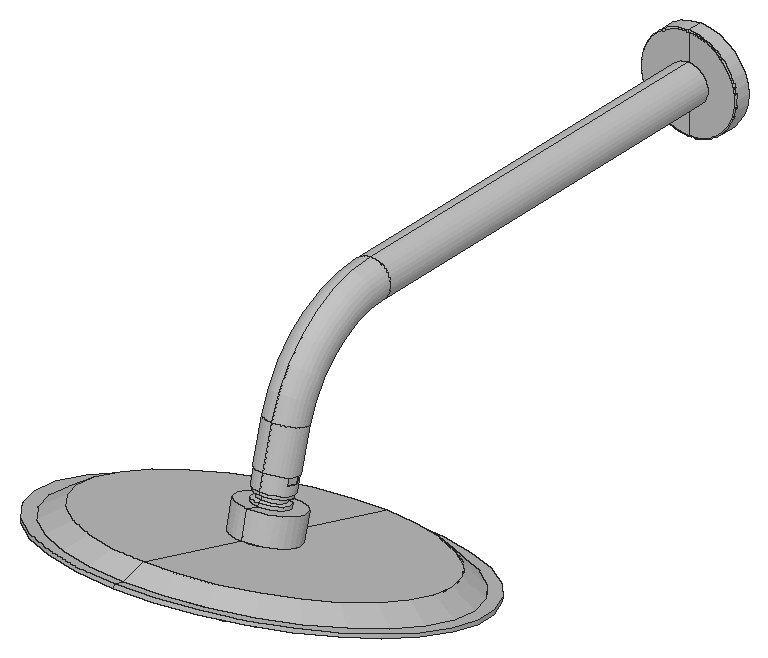
Revit family "Reece_Shower_Milli_Inox_Overhead Shower_With Arm", category Plumbing Fixtures, Revit 2018 (continued)
Definition of nested family "Reece_Shower_Milli_Inox_Shower Head_250 mm_Nested"
  Automatic sketch dimensions
    Revolve 4 sketch curve to Revolve 4 sketch curve = 3.055 mm
    Revolve 4 sketch curve to Revolve 4 sketch curve = 0.802 mm
    Revolve 4 sketch curve to Revolve 4 sketch curve = 0 mm  (x2)
    Revolve 5 sketch curve to plane 9 = 0 mm  (x2)
    Revolve 5 sketch curve to plane 9 = 8.093 mm
    Revolve 5 sketch curve to plane 1 "Center (Front/Back)" = 19.789 mm
    plane 1 "Center (Front/Back)" to Revolve 5 sketch curve = 2.612 mm
    plane 1 "Center (Front/Back)" to Revolve 5 sketch curve = 3.992 mm
    Revolve 5 sketch curve to Revolve 5 sketch curve = 0.808 mm
    Revolve 5 sketch curve to Revolve 5 sketch curve = 3.055 mm
    Revolve 5 sketch curve to Revolve 5 sketch curve = 0.802 mm
    Revolve 5 sketch curve to Revolve 5 sketch curve = 0 mm  (x2)
    plane 9 to Revolve 6 sketch curve = 0 mm  (x2)
    Revolve 6 sketch curve to plane 9 = 8.093 mm
    plane 1 "Center (Front/Back)" to Revolve 6 sketch curve = 20.085 mm
    Revolve 6 sketch curve to plane 1 "Center (Front/Back)" = 2.316 mm
    Revolve 6 sketch curve to plane 1 "Center (Front/Back)" = 3.696 mm
    Revolve 6 sketch curve to Revolve 6 sketch curve = 0.808 mm
    Revolve 6 sketch curve to Revolve 6 sketch curve = 3.055 mm
    Revolve 6 sketch curve to Revolve 6 sketch curve = 0.802 mm
    Revolve 6 sketch curve to Revolve 6 sketch curve = 0 mm  (x2)
    plane 9 to Revolve 7 sketch curve = 0 mm  (x2)
    Revolve 7 sketch curve to plane 9 = 8.093 mm
    Revolve 7 sketch curve to plane 1 "Center (Front/Back)" = 19.734 mm
    plane 1 "Center (Front/Back)" to Revolve 7 sketch curve = 2.668 mm
    plane 1 "Center (Front/Back)" to Revolve 7 sketch curve = 4.048 mm
    Revolve 7 sketch curve to Revolve 7 sketch curve = 0.808 mm
    Revolve 7 sketch curve to Revolve 7 sketch curve = 3.055 mm
    Revolve 7 sketch curve to Revolve 7 sketch curve = 0.802 mm
    Revolve 7 sketch curve to Revolve 7 sketch curve = 0 mm  (x2)
    Revolve 8 sketch curve to plane 9 = 0 mm  (x2)
    Revolve 8 sketch curve to plane 1 "Center (Front/Back)" = 3.601 mm
    Revolve 8 sketch curve to Revolve 8 sketch curve = 22.402 mm
    Revolve 8 sketch curve to plane 9 = 6.766 mm
    Revolve 8 sketch curve to Revolve 8 sketch curve = 1.38 mm
    Revolve 8 sketch curve to Revolve 8 sketch curve = 0.808 mm
    Revolve 8 sketch curve to Revolve 8 sketch curve = 3.055 mm
    Revolve 8 sketch curve to Revolve 8 sketch curve = 0.802 mm
    Revolve 8 sketch curve to Revolve 8 sketch curve = 0 mm  (x2)
    Revolve 9 sketch curve to plane 9 = 0 mm  (x2)
    plane 1 "Center (Front/Back)" to Revolve 9 sketch curve = 3.051 mm
    Revolve 9 sketch curve to Revolve 9 sketch curve = 22.402 mm
    Revolve 9 sketch curve to plane 9 = 6.766 mm
    Revolve 9 sketch curve to Revolve 9 sketch curve = 1.38 mm
    Revolve 9 sketch curve to Revolve 9 sketch curve = 0.808 mm
    Revolve 9 sketch curve to Revolve 9 sketch curve = 3.055 mm
    Revolve 9 sketch curve to Revolve 9 sketch curve = 0.802 mm
    Revolve 9 sketch curve to Revolve 9 sketch curve = 0 mm  (x2)
    Revolve 10 sketch curve to plane 9 = 0 mm  (x2)
    plane 1 "Center (Front/Back)" to Revolve 10 sketch curve = 15.716 mm
    Revolve 10 sketch curve to plane 1 "Center (Front/Back)" = 6.685 mm
    Revolve 10 sketch curve to plane 9 = 6.766 mm
    Revolve 10 sketch curve to Revolve 10 sketch curve = 1.38 mm
    Revolve 10 sketch curve to Revolve 10 sketch curve = 0.808 mm
    Revolve 10 sketch curve to Revolve 10 sketch curve = 3.055 mm
    Revolve 10 sketch curve to Revolve 10 sketch curve = 0.802 mm
    Revolve 10 sketch curve to Revolve 10 sketch curve = 0 mm  (x2)
    Revolve 11 sketch curve to plane 9 = 0 mm  (x2)
    Revolve 11 sketch curve to plane 9 = 8.093 mm
    plane 1 "Center (Front/Back)" to Revolve 11 sketch curve = 31.112 mm
    plane 1 "Center (Front/Back)" to Revolve 11 sketch curve = 8.71 mm
    Revolve 11 sketch curve to plane 9 = 6.766 mm
    Revolve 11 sketch curve to Revolve 11 sketch curve = 0.808 mm
    Revolve 11 sketch curve to Revolve 11 sketch curve = 3.055 mm
    Revolve 11 sketch curve to Revolve 11 sketch curve = 0.802 mm
    Revolve 11 sketch curve to Revolve 11 sketch curve = 0 mm  (x2)
    Revolve 12 sketch curve to plane 9 = 0 mm  (x2)
    Revolve 12 sketch curve to plane 9 = 8.093 mm
    plane 1 "Center (Front/Back)" to Revolve 12 sketch curve = 45.11 mm
    Revolve 12 sketch curve to Revolve 12 sketch curve = 22.402 mm
    Revolve 12 sketch curve to plane 9 = 6.766 mm
    Revolve 12 sketch curve to Revolve 12 sketch curve = 0.808 mm
    Revolve 12 sketch curve to Revolve 12 sketch curve = 3.055 mm
    Revolve 12 sketch curve to Revolve 12 sketch curve = 0.802 mm
    Revolve 12 sketch curve to Revolve 12 sketch curve = 0 mm  (x2)
    Revolve 13 sketch curve to plane 9 = 0 mm  (x2)
    Revolve 13 sketch curve to plane 9 = 8.093 mm
    plane 1 "Center (Front/Back)" to Revolve 13 sketch curve = 53.567 mm
    Revolve 13 sketch curve to Revolve 13 sketch curve = 22.402 mm
    Revolve 13 sketch curve to plane 9 = 6.766 mm
    Revolve 13 sketch curve to Revolve 13 sketch curve = 0.808 mm
    Revolve 13 sketch curve to Revolve 13 sketch curve = 3.055 mm
    Revolve 13 sketch curve to Revolve 13 sketch curve = 0.802 mm
    Revolve 13 sketch curve to Revolve 13 sketch curve = 0 mm  (x2)
    plane 9 to Revolve 14 sketch curve = 0 mm  (x2)
    Revolve 14 sketch curve to plane 1 "Center (Front/Back)" = 2.459 mm
    Revolve 14 sketch curve to Revolve 14 sketch curve = 22.402 mm
    Revolve 14 sketch curve to plane 9 = 6.766 mm
    Revolve 14 sketch curve to Revolve 14 sketch curve = 1.38 mm
    Revolve 14 sketch curve to Revolve 14 sketch curve = 0.808 mm
    Revolve 14 sketch curve to Revolve 14 sketch curve = 3.055 mm
    Revolve 14 sketch curve to Revolve 14 sketch curve = 0.802 mm
    Revolve 14 sketch curve to Revolve 14 sketch curve = 0 mm  (x2)
    plane 9 to Revolve 15 sketch curve = 0 mm  (x2)
    plane 1 "Center (Front/Back)" to Revolve 15 sketch curve = 6.256 mm
    Revolve 15 sketch curve to Revolve 15 sketch curve = 22.402 mm
    Revolve 15 sketch curve to plane 9 = 6.766 mm
    Revolve 15 sketch curve to Revolve 15 sketch curve = 1.38 mm
    Revolve 15 sketch curve to Revolve 15 sketch curve = 0.808 mm
    Revolve 15 sketch curve to Revolve 15 sketch curve = 3.055 mm
    Revolve 15 sketch curve to Revolve 15 sketch curve = 0.802 mm
    Revolve 15 sketch curve to Revolve 15 sketch curve = 0 mm  (x2)
    plane 9 to Revolve 16 sketch curve = 0 mm  (x2)
    plane 1 "Center (Front/Back)" to Revolve 16 sketch curve = 19.962 mm
    Revolve 16 sketch curve to plane 1 "Center (Front/Back)" = 2.439 mm
    Revolve 16 sketch curve to plane 9 = 6.766 mm
    Revolve 16 sketch curve to Revolve 16 sketch curve = 1.38 mm
    Revolve 16 sketch curve to Revolve 16 sketch curve = 0.808 mm
    Revolve 16 sketch curve to Revolve 16 sketch curve = 3.055 mm
    Revolve 16 sketch curve to Revolve 16 sketch curve = 0.802 mm
    Revolve 16 sketch curve to Revolve 16 sketch curve = 0 mm  (x2)
    plane 9 to Revolve 17 sketch curve = 0 mm  (x2)
    Revolve 17 sketch curve to plane 9 = 8.093 mm
    plane 1 "Center (Front/Back)" to Revolve 17 sketch curve = 35.516 mm
    plane 1 "Center (Front/Back)" to Revolve 17 sketch curve = 13.115 mm
    Revolve 17 sketch curve to plane 9 = 6.766 mm
    Revolve 17 sketch curve to Revolve 17 sketch curve = 0.808 mm
    Revolve 17 sketch curve to Revolve 17 sketch curve = 3.055 mm
    Revolve 17 sketch curve to Revolve 17 sketch curve = 0.802 mm
    Revolve 17 sketch curve to Revolve 17 sketch curve = 0 mm  (x2)
    plane 9 to Revolve 18 sketch curve = 0 mm  (x2)
    Revolve 18 sketch curve to plane 9 = 8.093 mm
    plane 1 "Center (Front/Back)" to Revolve 18 sketch curve = 48.206 mm
    Revolve 18 sketch curve to Revolve 18 sketch curve = 22.402 mm
    Revolve 18 sketch curve to plane 9 = 6.766 mm
    Revolve 18 sketch curve to Revolve 18 sketch curve = 0.808 mm
    Revolve 18 sketch curve to Revolve 18 sketch curve = 3.055 mm
    Revolve 18 sketch curve to Revolve 18 sketch curve = 0.802 mm
    Revolve 18 sketch curve to Revolve 18 sketch curve = 0 mm  (x2)
    plane 9 to Revolve 19 sketch curve = 0 mm  (x2)
    Revolve 19 sketch curve to plane 9 = 8.093 mm
    plane 1 "Center (Front/Back)" to Revolve 19 sketch curve = 55.037 mm
    Revolve 19 sketch curve to Revolve 19 sketch curve = 22.402 mm
    Revolve 19 sketch curve to plane 9 = 6.766 mm
    Revolve 19 sketch curve to Revolve 19 sketch curve = 0.808 mm
    Revolve 19 sketch curve to Revolve 19 sketch curve = 3.055 mm
    Revolve 19 sketch curve to Revolve 19 sketch curve = 0.802 mm
    Revolve 19 sketch curve to Revolve 19 sketch curve = 0 mm  (x2)
    Revolve 20 sketch curve to plane 9 = 0 mm  (x2)
    Revolve 20 sketch curve to plane 9 = 8.093 mm
    Revolve 20 sketch curve to plane 1 "Center (Front/Back)" = 27.302 mm
    Revolve 20 sketch curve to Revolve 20 sketch curve = 22.402 mm
    Revolve 20 sketch curve to plane 9 = 6.766 mm
    Revolve 20 sketch curve to Revolve 20 sketch curve = 0.808 mm
    Revolve 20 sketch curve to Revolve 20 sketch curve = 3.055 mm
    Revolve 20 sketch curve to Revolve 20 sketch curve = 0.802 mm
    Revolve 20 sketch curve to Revolve 20 sketch curve = 0 mm  (x2)
    Revolve 21 sketch curve to plane 9 = 0 mm  (x2)
    Revolve 21 sketch curve to plane 9 = 8.093 mm
    Revolve 21 sketch curve to plane 1 "Center (Front/Back)" = 23.054 mm
    Revolve 21 sketch curve to Revolve 21 sketch curve = 22.402 mm
    Revolve 21 sketch curve to plane 9 = 6.766 mm
    Revolve 21 sketch curve to Revolve 21 sketch curve = 0.808 mm
    Revolve 21 sketch curve to Revolve 21 sketch curve = 3.055 mm
    Revolve 21 sketch curve to Revolve 21 sketch curve = 0.802 mm
    Revolve 21 sketch curve to Revolve 21 sketch curve = 0 mm  (x2)
    Revolve 22 sketch curve to plane 9 = 0 mm  (x2)
    Revolve 22 sketch curve to plane 9 = 8.093 mm
    Revolve 22 sketch curve to plane 1 "Center (Front/Back)" = 13.932 mm
    Revolve 22 sketch curve to Revolve 22 sketch curve = 22.402 mm
    Revolve 22 sketch curve to plane 9 = 6.766 mm
    Revolve 22 sketch curve to Revolve 22 sketch curve = 0.808 mm
    Revolve 22 sketch curve to Revolve 22 sketch curve = 3.055 mm
    Revolve 22 sketch curve to Revolve 22 sketch curve = 0.802 mm
    Revolve 22 sketch curve to Revolve 22 sketch curve = 0 mm  (x2)
    Revolve 23 sketch curve to plane 9 = 0 mm  (x2)
    Revolve 23 sketch curve to plane 1 "Center (Front/Back)" = 0.928 mm
    Revolve 23 sketch curve to Revolve 23 sketch curve = 22.402 mm
    Revolve 23 sketch curve to plane 9 = 6.766 mm
    Revolve 23 sketch curve to Revolve 23 sketch curve = 1.38 mm
    Revolve 23 sketch curve to Revolve 23 sketch curve = 0.808 mm
    Revolve 23 sketch curve to Revolve 23 sketch curve = 3.055 mm
    Revolve 23 sketch curve to Revolve 23 sketch curve = 0.802 mm
    Revolve 23 sketch curve to Revolve 23 sketch curve = 0 mm  (x2)
    Revolve 24 sketch curve to plane 9 = 0 mm  (x2)
    plane 1 "Center (Front/Back)" to Revolve 24 sketch curve = 14.176 mm
    Revolve 24 sketch curve to plane 1 "Center (Front/Back)" = 8.225 mm
    Revolve 24 sketch curve to plane 9 = 6.766 mm
    Revolve 24 sketch curve to Revolve 24 sketch curve = 1.38 mm
    Revolve 24 sketch curve to Revolve 24 sketch curve = 0.808 mm
    Revolve 24 sketch curve to Revolve 24 sketch curve = 3.055 mm
    Revolve 24 sketch curve to Revolve 24 sketch curve = 0.802 mm
    Revolve 24 sketch curve to Revolve 24 sketch curve = 0 mm  (x2)
    Revolve 25 sketch curve to plane 9 = 0 mm  (x2)
    Revolve 25 sketch curve to plane 9 = 8.093 mm
    plane 1 "Center (Front/Back)" to Revolve 25 sketch curve = 31.352 mm
    plane 1 "Center (Front/Back)" to Revolve 25 sketch curve = 8.95 mm
    Revolve 25 sketch curve to plane 9 = 6.766 mm
    Revolve 25 sketch curve to Revolve 25 sketch curve = 0.808 mm
    Revolve 25 sketch curve to Revolve 25 sketch curve = 3.055 mm
    Revolve 25 sketch curve to Revolve 25 sketch curve = 0.802 mm
    Revolve 25 sketch curve to Revolve 25 sketch curve = 0 mm  (x2)
    Revolve 26 sketch curve to plane 9 = 0 mm  (x2)
    Revolve 26 sketch curve to plane 9 = 8.093 mm
    plane 1 "Center (Front/Back)" to Revolve 26 sketch curve = 48.128 mm
    Revolve 26 sketch curve to Revolve 26 sketch curve = 22.402 mm
    Revolve 26 sketch curve to plane 9 = 6.766 mm
    Revolve 26 sketch curve to Revolve 26 sketch curve = 0.808 mm
    Revolve 26 sketch curve to Revolve 26 sketch curve = 3.055 mm
    Revolve 26 sketch curve to Revolve 26 sketch curve = 0.802 mm
    Revolve 26 sketch curve to Revolve 26 sketch curve = 0 mm  (x2)
    Revolve 27 sketch curve to plane 9 = 0 mm  (x2)
    Revolve 27 sketch curve to plane 9 = 8.093 mm
    plane 1 "Center (Front/Back)" to Revolve 27 sketch curve = 61.349 mm
    Revolve 27 sketch curve to Revolve 27 sketch curve = 22.402 mm
    Revolve 27 sketch curve to plane 9 = 6.766 mm
    Revolve 27 sketch curve to Revolve 27 sketch curve = 0.808 mm
    Revolve 27 sketch curve to Revolve 27 sketch curve = 3.055 mm
    Revolve 27 sketch curve to Revolve 27 sketch curve = 0.802 mm
    Revolve 27 sketch curve to Revolve 27 sketch curve = 0 mm  (x2)
    Revolve 28 sketch curve to plane 9 = 0 mm  (x2)
    Revolve 28 sketch curve to plane 9 = 8.093 mm
    Revolve 28 sketch curve to plane 7 = 53.308 mm
    Revolve 28 sketch curve to Revolve 28 sketch curve = 22.402 mm
    Revolve 28 sketch curve to plane 9 = 6.766 mm
    Revolve 28 sketch curve to Revolve 28 sketch curve = 0.808 mm
    Revolve 28 sketch curve to Revolve 28 sketch curve = 3.055 mm
    Revolve 28 sketch curve to Revolve 28 sketch curve = 0.802 mm
    Revolve 28 sketch curve to Revolve 28 sketch curve = 0 mm  (x2)
    Revolve 29 sketch curve to plane 9 = 0 mm  (x2)
    Revolve 29 sketch curve to plane 9 = 8.093 mm
    Revolve 29 sketch curve to plane 7 = 46.336 mm
    Revolve 29 sketch curve to Revolve 29 sketch curve = 22.402 mm
    Revolve 29 sketch curve to plane 9 = 6.766 mm
    Revolve 29 sketch curve to Revolve 29 sketch curve = 0.808 mm
    Revolve 29 sketch curve to Revolve 29 sketch curve = 3.055 mm
    Revolve 29 sketch curve to Revolve 29 sketch curve = 0.802 mm
    Revolve 29 sketch curve to Revolve 29 sketch curve = 0 mm  (x2)
    Revolve 30 sketch curve to plane 9 = 0 mm  (x2)
    Revolve 30 sketch curve to plane 9 = 8.093 mm
    Revolve 30 sketch curve to plane 7 = 50.625 mm
    Revolve 30 sketch curve to Revolve 30 sketch curve = 22.402 mm
    Revolve 30 sketch curve to plane 9 = 6.766 mm
    Revolve 30 sketch curve to Revolve 30 sketch curve = 0.808 mm
    Revolve 30 sketch curve to Revolve 30 sketch curve = 3.055 mm
    Revolve 30 sketch curve to Revolve 30 sketch curve = 0.802 mm
    Revolve 30 sketch curve to Revolve 30 sketch curve = 0 mm  (x2)
    Revolve 31 sketch curve to plane 9 = 0 mm  (x2)
    Revolve 31 sketch curve to plane 9 = 8.093 mm
    Revolve 31 sketch curve to plane 7 = 59.641 mm
    Revolve 31 sketch curve to Revolve 31 sketch curve = 22.402 mm
    Revolve 31 sketch curve to plane 9 = 6.766 mm
    Revolve 31 sketch curve to Revolve 31 sketch curve = 0.808 mm
    Revolve 31 sketch curve to Revolve 31 sketch curve = 3.055 mm
    Revolve 31 sketch curve to Revolve 31 sketch curve = 0.802 mm
    Revolve 31 sketch curve to Revolve 31 sketch curve = 0 mm  (x2)
    Revolve 32 sketch curve to plane 9 = 0 mm  (x2)
    Revolve 32 sketch curve to plane 9 = 8.093 mm
    plane 1 "Center (Front/Back)" to Revolve 32 sketch curve = 77.693 mm
    Revolve 32 sketch curve to Revolve 32 sketch curve = 22.402 mm
    Revolve 32 sketch curve to plane 9 = 6.766 mm
    Revolve 32 sketch curve to Revolve 32 sketch curve = 0.808 mm
    Revolve 32 sketch curve to Revolve 32 sketch curve = 3.055 mm
    Revolve 32 sketch curve to Revolve 32 sketch curve = 0.802 mm
    Revolve 32 sketch curve to Revolve 32 sketch curve = 0 mm  (x2)
    Revolve 33 sketch curve to plane 9 = 0 mm  (x2)
    Revolve 33 sketch curve to plane 9 = 8.093 mm
    plane 1 "Center (Front/Back)" to Revolve 33 sketch curve = 52.601 mm
    Revolve 33 sketch curve to Revolve 33 sketch curve = 22.402 mm
    Revolve 33 sketch curve to plane 9 = 6.766 mm
    Revolve 33 sketch curve to Revolve 33 sketch curve = 0.808 mm
    Revolve 33 sketch curve to Revolve 33 sketch curve = 3.055 mm
    Revolve 33 sketch curve to Revolve 33 sketch curve = 0.802 mm
    Revolve 33 sketch curve to Revolve 33 sketch curve = 0 mm  (x2)
    Revolve 34 sketch curve to plane 9 = 0 mm  (x2)
    Revolve 34 sketch curve to plane 9 = 8.093 mm
    plane 1 "Center (Front/Back)" to Revolve 34 sketch curve = 36.664 mm
    plane 1 "Center (Front/Back)" to Revolve 34 sketch curve = 14.263 mm
    Revolve 34 sketch curve to plane 9 = 6.766 mm
    Revolve 34 sketch curve to Revolve 34 sketch curve = 0.808 mm
    Revolve 34 sketch curve to Revolve 34 sketch curve = 3.055 mm
    Revolve 34 sketch curve to Revolve 34 sketch curve = 0.802 mm
    Revolve 34 sketch curve to Revolve 34 sketch curve = 0 mm  (x2)
    Revolve 35 sketch curve to plane 9 = 0 mm  (x2)
    Revolve 35 sketch curve to plane 9 = 8.093 mm
    plane 1 "Center (Front/Back)" to Revolve 35 sketch curve = 20.166 mm
    Revolve 35 sketch curve to plane 1 "Center (Front/Back)" = 2.235 mm
    Revolve 35 sketch curve to plane 1 "Center (Front/Back)" = 3.615 mm
    Revolve 35 sketch curve to Revolve 35 sketch curve = 0.808 mm
    Revolve 35 sketch curve to Revolve 35 sketch curve = 3.055 mm
    Revolve 35 sketch curve to Revolve 35 sketch curve = 0.802 mm
    Revolve 35 sketch curve to Revolve 35 sketch curve = 0 mm  (x2)
    Revolve 36 sketch curve to plane 9 = 0 mm  (x2)
    plane 1 "Center (Front/Back)" to Revolve 36 sketch curve = 4.186 mm
    Revolve 36 sketch curve to plane 1 "Center (Front/Back)" = 18.215 mm
    Revolve 36 sketch curve to plane 9 = 6.766 mm
    Revolve 36 sketch curve to Revolve 36 sketch curve = 1.38 mm
    Revolve 36 sketch curve to Revolve 36 sketch curve = 0.808 mm
    Revolve 36 sketch curve to Revolve 36 sketch curve = 3.055 mm
    Revolve 36 sketch curve to Revolve 36 sketch curve = 0.802 mm
    Revolve 36 sketch curve to Revolve 36 sketch curve = 0 mm  (x2)
    Revolve 37 sketch curve to plane 9 = 0 mm  (x2)
    Revolve 37 sketch curve to plane 9 = 8.093 mm
    Revolve 37 sketch curve to plane 1 "Center (Front/Back)" = 9.615 mm
    Revolve 37 sketch curve to Revolve 37 sketch curve = 22.402 mm
    Revolve 37 sketch curve to plane 9 = 6.766 mm
    Revolve 37 sketch curve to Revolve 37 sketch curve = 0.808 mm
    Revolve 37 sketch curve to Revolve 37 sketch curve = 3.055 mm
    Revolve 37 sketch curve to Revolve 37 sketch curve = 0.802 mm
    Revolve 37 sketch curve to Revolve 37 sketch curve = 0 mm  (x2)
    Revolve 38 sketch curve to plane 9 = 0 mm  (x2)
    Revolve 38 sketch curve to plane 9 = 8.093 mm
    Revolve 38 sketch curve to plane 1 "Center (Front/Back)" = 20.272 mm
    Revolve 38 sketch curve to Revolve 38 sketch curve = 22.402 mm
    Revolve 38 sketch curve to plane 9 = 6.766 mm
    Revolve 38 sketch curve to Revolve 38 sketch curve = 0.808 mm
    Revolve 38 sketch curve to Revolve 38 sketch curve = 3.055 mm
    Revolve 38 sketch curve to Revolve 38 sketch curve = 0.802 mm
    Revolve 38 sketch curve to Revolve 38 sketch curve = 0 mm  (x2)
    Revolve 39 sketch curve to plane 9 = 0 mm  (x2)
    Revolve 39 sketch curve to plane 9 = 8.093 mm
    Revolve 39 sketch curve to plane 1 "Center (Front/Back)" = 26.334 mm
    Revolve 39 sketch curve to Revolve 39 sketch curve = 22.402 mm
    Revolve 39 sketch curve to plane 9 = 6.766 mm
    Revolve 39 sketch curve to Revolve 39 sketch curve = 0.808 mm
    Revolve 39 sketch curve to Revolve 39 sketch curve = 3.055 mm
    Revolve 39 sketch curve to Revolve 39 sketch curve = 0.802 mm
    Revolve 39 sketch curve to Revolve 39 sketch curve = 0 mm  (x2)
    Revolve 40 sketch curve to plane 9 = 0 mm  (x2)
    Revolve 40 sketch curve to plane 9 = 8.093 mm
    Revolve 40 sketch curve to plane 1 "Center (Front/Back)" = 50.804 mm
    Revolve 40 sketch curve to Revolve 40 sketch curve = 22.402 mm
    Revolve 40 sketch curve to plane 9 = 6.766 mm
    Revolve 40 sketch curve to Revolve 40 sketch curve = 0.808 mm
    Revolve 40 sketch curve to Revolve 40 sketch curve = 3.055 mm
    Revolve 40 sketch curve to Revolve 40 sketch curve = 0.802 mm
    Revolve 40 sketch curve to Revolve 40 sketch curve = 0 mm  (x2)
    Revolve 41 sketch curve to plane 9 = 0 mm  (x2)
    Revolve 41 sketch curve to plane 9 = 8.093 mm
    Revolve 41 sketch curve to plane 1 "Center (Front/Back)" = 47.68 mm
    Revolve 41 sketch curve to Revolve 41 sketch curve = 22.402 mm
    Revolve 41 sketch curve to plane 9 = 6.766 mm
    Revolve 41 sketch curve to Revolve 41 sketch curve = 0.808 mm
    Revolve 41 sketch curve to Revolve 41 sketch curve = 3.055 mm
    Revolve 41 sketch curve to Revolve 41 sketch curve = 0.802 mm
    Revolve 41 sketch curve to Revolve 41 sketch curve = 0 mm  (x2)
    Revolve 42 sketch curve to plane 9 = 0 mm  (x2)
    Revolve 42 sketch curve to plane 9 = 8.093 mm
    Revolve 42 sketch curve to plane 1 "Center (Front/Back)" = 40.966 mm
    Revolve 42 sketch curve to Revolve 42 sketch curve = 22.402 mm
    Revolve 42 sketch curve to plane 9 = 6.766 mm
    Revolve 42 sketch curve to Revolve 42 sketch curve = 0.808 mm
    Revolve 42 sketch curve to Revolve 42 sketch curve = 3.055 mm
    Revolve 42 sketch curve to Revolve 42 sketch curve = 0.802 mm
    Revolve 42 sketch curve to Revolve 42 sketch curve = 0 mm  (x2)
    Revolve 43 sketch curve to plane 9 = 0 mm  (x2)
    Revolve 43 sketch curve to plane 9 = 8.093 mm
    Revolve 43 sketch curve to plane 1 "Center (Front/Back)" = 58.867 mm
    Revolve 43 sketch curve to Revolve 43 sketch curve = 22.402 mm
    Revolve 43 sketch curve to plane 9 = 6.766 mm
    Revolve 43 sketch curve to Revolve 43 sketch curve = 0.808 mm
    Revolve 43 sketch curve to Revolve 43 sketch curve = 3.055 mm
    Revolve 43 sketch curve to Revolve 43 sketch curve = 0.802 mm
    Revolve 43 sketch curve to Revolve 43 sketch curve = 0 mm  (x2)
    Revolve 44 sketch curve to plane 9 = 0 mm  (x2)
    Revolve 44 sketch curve to plane 9 = 8.093 mm
    Revolve 44 sketch curve to plane 1 "Center (Front/Back)" = 34.776 mm
    Revolve 44 sketch curve to Revolve 44 sketch curve = 22.402 mm
    Revolve 44 sketch curve to plane 9 = 6.766 mm
    Revolve 44 sketch curve to Revolve 44 sketch curve = 0.808 mm
    Revolve 44 sketch curve to Revolve 44 sketch curve = 3.055 mm
    Revolve 44 sketch curve to Revolve 44 sketch curve = 0.802 mm
    Revolve 44 sketch curve to Revolve 44 sketch curve = 0 mm  (x2)
    Revolve 45 sketch curve to plane 9 = 0 mm  (x2)
    Revolve 45 sketch curve to plane 1 "Center (Front/Back)" = 19.972 mm
    Revolve 45 sketch curve to Revolve 45 sketch curve = 22.402 mm
    Revolve 45 sketch curve to plane 9 = 6.766 mm
    Revolve 45 sketch curve to Revolve 45 sketch curve = 1.38 mm
    Revolve 45 sketch curve to Revolve 45 sketch curve = 0.808 mm
    Revolve 45 sketch curve to Revolve 45 sketch curve = 3.055 mm
    Revolve 45 sketch curve to Revolve 45 sketch curve = 0.802 mm
    Revolve 45 sketch curve to Revolve 45 sketch curve = 0 mm  (x2)
    Revolve 46 sketch curve to plane 9 = 0 mm  (x2)
    plane 1 "Center (Front/Back)" to Revolve 46 sketch curve = 13.548 mm
    Revolve 46 sketch curve to plane 1 "Center (Front/Back)" = 8.854 mm
    Revolve 46 sketch curve to plane 9 = 6.766 mm
    Revolve 46 sketch curve to Revolve 46 sketch curve = 1.38 mm
    Revolve 46 sketch curve to Revolve 46 sketch curve = 0.808 mm
    Revolve 46 sketch curve to Revolve 46 sketch curve = 3.055 mm
    Revolve 46 sketch curve to Revolve 46 sketch curve = 0.802 mm
    Revolve 46 sketch curve to Revolve 46 sketch curve = 0 mm  (x2)
    Revolve 47 sketch curve to plane 9 = 0 mm  (x2)
    Revolve 47 sketch curve to plane 9 = 8.093 mm
    plane 1 "Center (Front/Back)" to Revolve 47 sketch curve = 30.887 mm
    plane 1 "Center (Front/Back)" to Revolve 47 sketch curve = 8.485 mm
    Revolve 47 sketch curve to plane 9 = 6.766 mm
    Revolve 47 sketch curve to Revolve 47 sketch curve = 0.808 mm
    Revolve 47 sketch curve to Revolve 47 sketch curve = 3.055 mm
    Revolve 47 sketch curve to Revolve 47 sketch curve = 0.802 mm
    Revolve 47 sketch curve to Revolve 47 sketch curve = 0 mm  (x2)
    Revolve 48 sketch curve to plane 9 = 0 mm  (x2)
    Revolve 48 sketch curve to plane 9 = 8.093 mm
    plane 1 "Center (Front/Back)" to Revolve 48 sketch curve = 48.408 mm
    Revolve 48 sketch curve to Revolve 48 sketch curve = 22.402 mm
    Revolve 48 sketch curve to plane 9 = 6.766 mm
    Revolve 48 sketch curve to Revolve 48 sketch curve = 0.808 mm
    Revolve 48 sketch curve to Revolve 48 sketch curve = 3.055 mm
    Revolve 48 sketch curve to Revolve 48 sketch curve = 0.802 mm
    Revolve 48 sketch curve to Revolve 48 sketch curve = 0 mm  (x2)
    Revolve 49 sketch curve to plane 9 = 0 mm  (x2)
    Revolve 49 sketch curve to plane 9 = 8.093 mm
    plane 1 "Center (Front/Back)" to Revolve 49 sketch curve = 65.086 mm
    Revolve 49 sketch curve to Revolve 49 sketch curve = 22.402 mm
    Revolve 49 sketch curve to plane 9 = 6.766 mm
    Revolve 49 sketch curve to Revolve 49 sketch curve = 0.808 mm
    Revolve 49 sketch curve to Revolve 49 sketch curve = 3.055 mm
    Revolve 49 sketch curve to Revolve 49 sketch curve = 0.802 mm
    Revolve 49 sketch curve to Revolve 49 sketch curve = 0 mm  (x2)
    Revolve 50 sketch curve to plane 9 = 0 mm  (x2)
    Revolve 50 sketch curve to plane 9 = 8.093 mm
    Revolve 50 sketch curve to plane 7 = 61.072 mm
    Revolve 50 sketch curve to Revolve 50 sketch curve = 22.402 mm
    Revolve 50 sketch curve to plane 9 = 6.766 mm
    Revolve 50 sketch curve to Revolve 50 sketch curve = 0.808 mm
    Revolve 50 sketch curve to Revolve 50 sketch curve = 3.055 mm
    Revolve 50 sketch curve to Revolve 50 sketch curve = 0.802 mm
    Revolve 50 sketch curve to Revolve 50 sketch curve = 0 mm  (x2)
    Revolve 51 sketch curve to plane 9 = 0 mm  (x2)
    Revolve 51 sketch curve to plane 9 = 8.093 mm
    Revolve 51 sketch curve to plane 7 = 47.126 mm
    Revolve 51 sketch curve to Revolve 51 sketch curve = 22.402 mm
    Revolve 51 sketch curve to plane 9 = 6.766 mm
    Revolve 51 sketch curve to Revolve 51 sketch curve = 0.808 mm
    Revolve 51 sketch curve to Revolve 51 sketch curve = 3.055 mm
    Revolve 51 sketch curve to Revolve 51 sketch curve = 0.802 mm
    Revolve 51 sketch curve to Revolve 51 sketch curve = 0 mm  (x2)
    Revolve 52 sketch curve to plane 9 = 0 mm  (x2)
    Revolve 52 sketch curve to plane 9 = 8.093 mm
    Revolve 52 sketch curve to plane 7 = 27.665 mm
    Revolve 52 sketch curve to Revolve 52 sketch curve = 22.402 mm
    Revolve 52 sketch curve to plane 9 = 6.766 mm
    Revolve 52 sketch curve to Revolve 52 sketch curve = 0.808 mm
    Revolve 52 sketch curve to Revolve 52 sketch curve = 3.055 mm
    Revolve 52 sketch curve to Revolve 52 sketch curve = 0.802 mm
    Revolve 52 sketch curve to Revolve 52 sketch curve = 0 mm  (x2)
    Revolve 53 sketch curve to plane 9 = 0 mm  (x2)
    Revolve 53 sketch curve to plane 9 = 8.093 mm
    Revolve 53 sketch curve to plane 7 = 23.002 mm
    Revolve 53 sketch curve to Revolve 53 sketch curve = 22.402 mm
    Revolve 53 sketch curve to plane 9 = 6.766 mm
    Revolve 53 sketch curve to Revolve 53 sketch curve = 0.808 mm
    Revolve 53 sketch curve to Revolve 53 sketch curve = 3.055 mm
    Revolve 53 sketch curve to Revolve 53 sketch curve = 0.802 mm
    Revolve 53 sketch curve to Revolve 53 sketch curve = 0 mm  (x2)
    Revolve 54 sketch curve to plane 9 = 0 mm  (x2)
    Revolve 54 sketch curve to plane 9 = 8.093 mm
    Revolve 54 sketch curve to plane 7 = 22.502 mm
    Revolve 54 sketch curve to Revolve 54 sketch curve = 22.402 mm
    Revolve 54 sketch curve to plane 9 = 6.766 mm
    Revolve 54 sketch curve to Revolve 54 sketch curve = 0.808 mm
    Revolve 54 sketch curve to Revolve 54 sketch curve = 3.055 mm
    Revolve 54 sketch curve to Revolve 54 sketch curve = 0.802 mm
    Revolve 54 sketch curve to Revolve 54 sketch curve = 0 mm  (x2)
    Revolve 55 sketch curve to plane 9 = 0 mm  (x2)
    Revolve 55 sketch curve to plane 9 = 8.093 mm
    Revolve 55 sketch curve to plane 7 = 25.642 mm
    Revolve 55 sketch curve to Revolve 55 sketch curve = 22.402 mm
    Revolve 55 sketch curve to plane 9 = 6.766 mm
    Revolve 55 sketch curve to Revolve 55 sketch curve = 0.808 mm
    Revolve 55 sketch curve to Revolve 55 sketch curve = 3.055 mm
    Revolve 55 sketch curve to Revolve 55 sketch curve = 0.802 mm
    Revolve 55 sketch curve to Revolve 55 sketch curve = 0 mm  (x2)
    Revolve 56 sketch curve to plane 9 = 0 mm  (x2)
    Revolve 56 sketch curve to plane 9 = 8.093 mm
    Revolve 56 sketch curve to plane 7 = 32.348 mm
    Revolve 56 sketch curve to Revolve 56 sketch curve = 22.402 mm
    Revolve 56 sketch curve to plane 9 = 6.766 mm
    Revolve 56 sketch curve to Revolve 56 sketch curve = 0.808 mm
    Revolve 56 sketch curve to Revolve 56 sketch curve = 3.055 mm
    Revolve 56 sketch curve to Revolve 56 sketch curve = 0.802 mm
    Revolve 56 sketch curve to Revolve 56 sketch curve = 0 mm  (x2)
    Revolve 57 sketch curve to plane 9 = 0 mm  (x2)
    Revolve 57 sketch curve to plane 9 = 8.093 mm
    Revolve 57 sketch curve to plane 7 = 55.724 mm
    Revolve 57 sketch curve to Revolve 57 sketch curve = 22.402 mm
    Revolve 57 sketch curve to plane 9 = 6.766 mm
    Revolve 57 sketch curve to Revolve 57 sketch curve = 0.808 mm
    Revolve 57 sketch curve to Revolve 57 sketch curve = 3.055 mm
    Revolve 57 sketch curve to Revolve 57 sketch curve = 0.802 mm
    Revolve 57 sketch curve to Revolve 57 sketch curve = 0 mm  (x2)
    Revolve 58 sketch curve to plane 9 = 0 mm  (x2)
    Revolve 58 sketch curve to plane 9 = 8.093 mm
    Revolve 58 sketch curve to plane 7 = 71 mm
    Revolve 58 sketch curve to Revolve 58 sketch curve = 22.402 mm
    Revolve 58 sketch curve to plane 9 = 6.766 mm
    Revolve 58 sketch curve to Revolve 58 sketch curve = 0.808 mm
    Revolve 58 sketch curve to Revolve 58 sketch curve = 3.055 mm
    Revolve 58 sketch curve to Revolve 58 sketch curve = 0.802 mm
    Revolve 58 sketch curve to Revolve 58 sketch curve = 0 mm  (x2)
    Revolve 59 sketch curve to plane 9 = 0 mm  (x2)
    Revolve 59 sketch curve to plane 9 = 8.093 mm
    plane 1 "Center (Front/Back)" to Revolve 59 sketch curve = 37.625 mm
    plane 1 "Center (Front/Back)" to Revolve 59 sketch curve = 15.224 mm
    Revolve 59 sketch curve to plane 9 = 6.766 mm
    Revolve 59 sketch curve to Revolve 59 sketch curve = 0.808 mm
    Revolve 59 sketch curve to Revolve 59 sketch curve = 3.055 mm
    Revolve 59 sketch curve to Revolve 59 sketch curve = 0.802 mm
    Revolve 59 sketch curve to Revolve 59 sketch curve = 0 mm  (x2)
    Revolve 60 sketch curve to plane 9 = 0 mm  (x2)
    Revolve 60 sketch curve to plane 9 = 8.093 mm
    plane 1 "Center (Front/Back)" to Revolve 60 sketch curve = 20.323 mm
    Revolve 60 sketch curve to plane 1 "Center (Front/Back)" = 2.079 mm
    Revolve 60 sketch curve to plane 1 "Center (Front/Back)" = 3.459 mm
    Revolve 60 sketch curve to Revolve 60 sketch curve = 0.808 mm
    Revolve 60 sketch curve to Revolve 60 sketch curve = 3.055 mm
    Revolve 60 sketch curve to Revolve 60 sketch curve = 0.802 mm
    Revolve 60 sketch curve to Revolve 60 sketch curve = 0 mm  (x2)
    Revolve 61 sketch curve to plane 9 = 0 mm  (x2)
    plane 1 "Center (Front/Back)" to Revolve 61 sketch curve = 3.349 mm
    Revolve 61 sketch curve to Revolve 61 sketch curve = 22.402 mm
    Revolve 61 sketch curve to plane 9 = 6.766 mm
    Revolve 61 sketch curve to Revolve 61 sketch curve = 1.38 mm
    Revolve 61 sketch curve to Revolve 61 sketch curve = 0.808 mm
    Revolve 61 sketch curve to Revolve 61 sketch curve = 3.055 mm
    Revolve 61 sketch curve to Revolve 61 sketch curve = 0.802 mm
    Revolve 61 sketch curve to Revolve 61 sketch curve = 0 mm  (x2)
    Revolve 62 sketch curve to plane 9 = 0 mm  (x2)
    Revolve 62 sketch curve to plane 9 = 8.093 mm
    Revolve 62 sketch curve to plane 1 "Center (Front/Back)" = 12.442 mm
    Revolve 62 sketch curve to Revolve 62 sketch curve = 22.402 mm
    Revolve 62 sketch curve to plane 9 = 6.766 mm
    Revolve 62 sketch curve to Revolve 62 sketch curve = 0.808 mm
    Revolve 62 sketch curve to Revolve 62 sketch curve = 3.055 mm
    Revolve 62 sketch curve to Revolve 62 sketch curve = 0.802 mm
    Revolve 62 sketch curve to Revolve 62 sketch curve = 0 mm  (x2)
    Revolve 63 sketch curve to plane 9 = 0 mm  (x2)
    Revolve 63 sketch curve to plane 9 = 8.093 mm
    Revolve 63 sketch curve to plane 1 "Center (Front/Back)" = 26.505 mm
    Revolve 63 sketch curve to Revolve 63 sketch curve = 22.402 mm
    Revolve 63 sketch curve to plane 9 = 6.766 mm
    Revolve 63 sketch curve to Revolve 63 sketch curve = 0.808 mm
    Revolve 63 sketch curve to Revolve 63 sketch curve = 3.055 mm
    Revolve 63 sketch curve to Revolve 63 sketch curve = 0.802 mm
    Revolve 63 sketch curve to Revolve 63 sketch curve = 0 mm  (x2)
    Revolve 64 sketch curve to plane 9 = 0 mm  (x2)
    Revolve 64 sketch curve to plane 9 = 8.093 mm
    Revolve 64 sketch curve to plane 1 "Center (Front/Back)" = 37.706 mm
    Revolve 64 sketch curve to Revolve 64 sketch curve = 22.402 mm
    Revolve 64 sketch curve to plane 9 = 6.766 mm
    Revolve 64 sketch curve to Revolve 64 sketch curve = 0.808 mm
    Revolve 64 sketch curve to Revolve 64 sketch curve = 3.055 mm
    Revolve 64 sketch curve to Revolve 64 sketch curve = 0.802 mm
    Revolve 64 sketch curve to Revolve 64 sketch curve = 0 mm  (x2)
    Revolve 65 sketch curve to plane 9 = 0 mm  (x2)
    Revolve 65 sketch curve to plane 9 = 8.093 mm
    Revolve 65 sketch curve to plane 1 "Center (Front/Back)" = 45.934 mm
    Revolve 65 sketch curve to Revolve 65 sketch curve = 22.402 mm
    Revolve 65 sketch curve to plane 9 = 6.766 mm
    Revolve 65 sketch curve to Revolve 65 sketch curve = 0.808 mm
    Revolve 65 sketch curve to Revolve 65 sketch curve = 3.055 mm
    Revolve 65 sketch curve to Revolve 65 sketch curve = 0.802 mm
    Revolve 65 sketch curve to Revolve 65 sketch curve = 0 mm  (x2)
    Revolve 66 sketch curve to plane 9 = 0 mm  (x2)
    Revolve 66 sketch curve to plane 9 = 8.093 mm
    Revolve 66 sketch curve to plane 1 "Center (Front/Back)" = 50.485 mm
    Revolve 66 sketch curve to Revolve 66 sketch curve = 22.402 mm
    Revolve 66 sketch curve to plane 9 = 6.766 mm
    Revolve 66 sketch curve to Revolve 66 sketch curve = 0.808 mm
    Revolve 66 sketch curve to Revolve 66 sketch curve = 3.055 mm
    Revolve 66 sketch curve to Revolve 66 sketch curve = 0.802 mm
    Revolve 66 sketch curve to Revolve 66 sketch curve = 0 mm  (x2)
    Revolve 67 sketch curve to plane 9 = 0 mm  (x2)
    Revolve 67 sketch curve to plane 9 = 8.093 mm
    Revolve 67 sketch curve to plane 6 = 50.934 mm
    Revolve 67 sketch curve to Revolve 67 sketch curve = 22.402 mm
    Revolve 67 sketch curve to plane 9 = 6.766 mm
    Revolve 67 sketch curve to Revolve 67 sketch curve = 0.808 mm
    Revolve 67 sketch curve to Revolve 67 sketch curve = 3.055 mm
    Revolve 67 sketch curve to Revolve 67 sketch curve = 0.802 mm
    Revolve 67 sketch curve to Revolve 67 sketch curve = 0 mm  (x2)
    Revolve 68 sketch curve to plane 9 = 0 mm  (x2)
    Revolve 68 sketch curve to plane 9 = 8.093 mm
    Revolve 68 sketch curve to plane 6 = 60.683 mm
    Revolve 68 sketch curve to Revolve 68 sketch curve = 22.402 mm
    Revolve 68 sketch curve to plane 9 = 6.766 mm
    Revolve 68 sketch curve to Revolve 68 sketch curve = 0.808 mm
    Revolve 68 sketch curve to Revolve 68 sketch curve = 3.055 mm
    Revolve 68 sketch curve to Revolve 68 sketch curve = 0.802 mm
    Revolve 68 sketch curve to Revolve 68 sketch curve = 0 mm  (x2)
    Revolve 69 sketch curve to plane 9 = 0 mm  (x2)
    Revolve 69 sketch curve to plane 9 = 8.093 mm
    Revolve 69 sketch curve to plane 6 = 70.329 mm
    Revolve 69 sketch curve to Revolve 69 sketch curve = 22.402 mm
    Revolve 69 sketch curve to plane 9 = 6.766 mm
    Revolve 69 sketch curve to Revolve 69 sketch curve = 0.808 mm
    Revolve 69 sketch curve to Revolve 69 sketch curve = 3.055 mm
    Revolve 69 sketch curve to Revolve 69 sketch curve = 0.802 mm
    Revolve 69 sketch curve to Revolve 69 sketch curve = 0 mm  (x2)
    Revolve 70 sketch curve to plane 9 = 0 mm  (x2)
    Revolve 70 sketch curve to plane 9 = 8.093 mm
    Revolve 70 sketch curve to plane 1 "Center (Front/Back)" = 70.754 mm
    Revolve 70 sketch curve to Revolve 70 sketch curve = 22.402 mm
    Revolve 70 sketch curve to plane 9 = 6.766 mm
    Revolve 70 sketch curve to Revolve 70 sketch curve = 0.808 mm
    Revolve 70 sketch curve to Revolve 70 sketch curve = 3.055 mm
    Revolve 70 sketch curve to Revolve 70 sketch curve = 0.802 mm
    Revolve 70 sketch curve to Revolve 70 sketch curve = 0 mm  (x2)
    Revolve 71 sketch curve to plane 9 = 0 mm  (x2)
    Revolve 71 sketch curve to plane 9 = 8.093 mm
    Revolve 71 sketch curve to plane 1 "Center (Front/Back)" = 43.18 mm
    Revolve 71 sketch curve to Revolve 71 sketch curve = 22.402 mm
    Revolve 71 sketch curve to plane 9 = 6.766 mm
    Revolve 71 sketch curve to Revolve 71 sketch curve = 0.808 mm
    Revolve 71 sketch curve to Revolve 71 sketch curve = 3.055 mm
    Revolve 71 sketch curve to Revolve 71 sketch curve = 0.802 mm
    Revolve 71 sketch curve to Revolve 71 sketch curve = 0 mm  (x2)
    Revolve 72 sketch curve to plane 9 = 0 mm  (x2)
    Revolve 72 sketch curve to plane 9 = 8.093 mm
    Revolve 72 sketch curve to plane 1 "Center (Front/Back)" = 29.205 mm
    Revolve 72 sketch curve to Revolve 72 sketch curve = 22.402 mm
    Revolve 72 sketch curve to plane 9 = 6.766 mm
    Revolve 72 sketch curve to Revolve 72 sketch curve = 0.808 mm
    Revolve 72 sketch curve to Revolve 72 sketch curve = 3.055 mm
    Revolve 72 sketch curve to Revolve 72 sketch curve = 0.802 mm
    Revolve 72 sketch curve to Revolve 72 sketch curve = 0 mm  (x2)
    Revolve 73 sketch curve to plane 9 = 0 mm  (x2)
    Revolve 73 sketch curve to plane 9 = 8.093 mm
    Revolve 73 sketch curve to plane 1 "Center (Front/Back)" = 13.926 mm
    Revolve 73 sketch curve to Revolve 73 sketch curve = 22.402 mm
    Revolve 73 sketch curve to plane 9 = 6.766 mm
    Revolve 73 sketch curve to Revolve 73 sketch curve = 0.808 mm
    Revolve 73 sketch curve to Revolve 73 sketch curve = 3.055 mm
    Revolve 73 sketch curve to Revolve 73 sketch curve = 0.802 mm
    Revolve 73 sketch curve to Revolve 73 sketch curve = 0 mm  (x2)
    Revolve 74 sketch curve to plane 9 = 0 mm  (x2)
    plane 1 "Center (Front/Back)" to Revolve 74 sketch curve = 2.941 mm
    Revolve 74 sketch curve to Revolve 74 sketch curve = 22.402 mm
    Revolve 74 sketch curve to plane 9 = 6.766 mm
    Revolve 74 sketch curve to Revolve 74 sketch curve = 1.38 mm
    Revolve 74 sketch curve to Revolve 74 sketch curve = 0.808 mm
    Revolve 74 sketch curve to Revolve 74 sketch curve = 3.055 mm
    Revolve 74 sketch curve to Revolve 74 sketch curve = 0.802 mm
    Revolve 74 sketch curve to Revolve 74 sketch curve = 0 mm  (x2)
    Revolve 75 sketch curve to plane 9 = 0 mm  (x2)
    Revolve 75 sketch curve to plane 9 = 8.093 mm
    plane 1 "Center (Front/Back)" to Revolve 75 sketch curve = 20.361 mm
    Revolve 75 sketch curve to plane 1 "Center (Front/Back)" = 2.04 mm
    Revolve 75 sketch curve to plane 1 "Center (Front/Back)" = 3.421 mm
    Revolve 75 sketch curve to Revolve 75 sketch curve = 0.808 mm
    Revolve 75 sketch curve to Revolve 75 sketch curve = 3.055 mm
    Revolve 75 sketch curve to Revolve 75 sketch curve = 0.802 mm
    Revolve 75 sketch curve to Revolve 75 sketch curve = 0 mm  (x2)
    Revolve 76 sketch curve to plane 9 = 0 mm  (x2)
    Revolve 76 sketch curve to plane 9 = 8.093 mm
    plane 1 "Center (Front/Back)" to Revolve 76 sketch curve = 37.998 mm
    plane 1 "Center (Front/Back)" to Revolve 76 sketch curve = 15.597 mm
    Revolve 76 sketch curve to plane 9 = 6.766 mm
    Revolve 76 sketch curve to Revolve 76 sketch curve = 0.808 mm
    Revolve 76 sketch curve to Revolve 76 sketch curve = 3.055 mm
    Revolve 76 sketch curve to Revolve 76 sketch curve = 0.802 mm
    Revolve 76 sketch curve to Revolve 76 sketch curve = 0 mm  (x2)
    Revolve 77 sketch curve to plane 9 = 0 mm  (x2)
    Revolve 77 sketch curve to plane 9 = 8.093 mm
    Revolve 77 sketch curve to plane 7 = 70.026 mm
    Revolve 77 sketch curve to Revolve 77 sketch curve = 22.402 mm
    Revolve 77 sketch curve to plane 9 = 6.766 mm
    Revolve 77 sketch curve to Revolve 77 sketch curve = 0.808 mm
    Revolve 77 sketch curve to Revolve 77 sketch curve = 3.055 mm
    Revolve 77 sketch curve to Revolve 77 sketch curve = 0.802 mm
    Revolve 77 sketch curve to Revolve 77 sketch curve = 0 mm  (x2)
    Revolve 78 sketch curve to plane 9 = 0 mm  (x2)
    Revolve 78 sketch curve to plane 9 = 8.093 mm
    Revolve 78 sketch curve to plane 7 = 53.615 mm
    Revolve 78 sketch curve to Revolve 78 sketch curve = 22.402 mm
    Revolve 78 sketch curve to plane 9 = 6.766 mm
    Revolve 78 sketch curve to Revolve 78 sketch curve = 0.808 mm
    Revolve 78 sketch curve to Revolve 78 sketch curve = 3.055 mm
    Revolve 78 sketch curve to Revolve 78 sketch curve = 0.802 mm
    Revolve 78 sketch curve to Revolve 78 sketch curve = 0 mm  (x2)
    Revolve 79 sketch curve to plane 9 = 0 mm  (x2)
    Revolve 79 sketch curve to plane 9 = 8.093 mm
    Revolve 79 sketch curve to plane 7 = 6.741 mm
    Revolve 79 sketch curve to Revolve 79 sketch curve = 22.402 mm
    Revolve 79 sketch curve to plane 9 = 6.766 mm
    Revolve 79 sketch curve to Revolve 79 sketch curve = 0.808 mm
    Revolve 79 sketch curve to Revolve 79 sketch curve = 3.055 mm
    Revolve 79 sketch curve to Revolve 79 sketch curve = 0.802 mm
    Revolve 79 sketch curve to Revolve 79 sketch curve = 0 mm  (x2)
    Revolve 80 sketch curve to plane 9 = 0 mm  (x2)
    Revolve 80 sketch curve to plane 9 = 8.093 mm
    Revolve 80 sketch curve to plane 7 = 1.383 mm
    Revolve 80 sketch curve to Revolve 80 sketch curve = 22.402 mm
    Revolve 80 sketch curve to plane 9 = 6.766 mm
    Revolve 80 sketch curve to Revolve 80 sketch curve = 0.808 mm
    Revolve 80 sketch curve to Revolve 80 sketch curve = 3.055 mm
    Revolve 80 sketch curve to Revolve 80 sketch curve = 0.802 mm
    Revolve 80 sketch curve to Revolve 80 sketch curve = 0 mm  (x2)
    Revolve 81 sketch curve to plane 9 = 0 mm  (x2)
    plane 7 to Revolve 81 sketch curve = 1.208 mm
    Revolve 81 sketch curve to Revolve 81 sketch curve = 22.402 mm
    Revolve 81 sketch curve to plane 9 = 6.766 mm
    Revolve 81 sketch curve to Revolve 81 sketch curve = 1.38 mm
    Revolve 81 sketch curve to Revolve 81 sketch curve = 0.808 mm
    Revolve 81 sketch curve to Revolve 81 sketch curve = 3.055 mm
    Revolve 81 sketch curve to Revolve 81 sketch curve = 0.802 mm
    Revolve 81 sketch curve to Revolve 81 sketch curve = 0 mm  (x2)
    Revolve 82 sketch curve to plane 9 = 0 mm  (x2)
    plane 7 to Revolve 82 sketch curve = 0.374 mm
    Revolve 82 sketch curve to Revolve 82 sketch curve = 22.402 mm
    Revolve 82 sketch curve to plane 9 = 6.766 mm
    Revolve 82 sketch curve to Revolve 82 sketch curve = 1.38 mm
    Revolve 82 sketch curve to Revolve 82 sketch curve = 0.808 mm
    Revolve 82 sketch curve to Revolve 82 sketch curve = 3.055 mm
    Revolve 82 sketch curve to Revolve 82 sketch curve = 0.802 mm
    Revolve 82 sketch curve to Revolve 82 sketch curve = 0 mm  (x2)
    Revolve 83 sketch curve to plane 9 = 0 mm  (x2)
    Revolve 83 sketch curve to plane 7 = 2.972 mm
    Revolve 83 sketch curve to Revolve 83 sketch curve = 22.402 mm
    Revolve 83 sketch curve to plane 9 = 6.766 mm
    Revolve 83 sketch curve to Revolve 83 sketch curve = 1.38 mm
    Revolve 83 sketch curve to Revolve 83 sketch curve = 0.808 mm
    Revolve 83 sketch curve to Revolve 83 sketch curve = 3.055 mm
    Revolve 83 sketch curve to Revolve 83 sketch curve = 0.802 mm
    Revolve 83 sketch curve to Revolve 83 sketch curve = 0 mm  (x2)
    Revolve 84 sketch curve to plane 9 = 0 mm  (x2)
    Revolve 84 sketch curve to plane 7 = 9.552 mm
    Revolve 84 sketch curve to Revolve 84 sketch curve = 22.402 mm
    Revolve 84 sketch curve to plane 9 = 6.766 mm
    Revolve 84 sketch curve to Revolve 84 sketch curve = 1.38 mm
    Revolve 84 sketch curve to Revolve 84 sketch curve = 0.808 mm
    Revolve 84 sketch curve to Revolve 84 sketch curve = 3.055 mm
    Revolve 84 sketch curve to Revolve 84 sketch curve = 0.802 mm
    Revolve 84 sketch curve to Revolve 84 sketch curve = 0 mm  (x2)
    Revolve 85 sketch curve to plane 9 = 0 mm  (x2)
    Revolve 85 sketch curve to plane 7 = 19.198 mm
    Revolve 85 sketch curve to Revolve 85 sketch curve = 22.402 mm
    Revolve 85 sketch curve to plane 9 = 6.766 mm
    Revolve 85 sketch curve to Revolve 85 sketch curve = 1.38 mm
    Revolve 85 sketch curve to Revolve 85 sketch curve = 0.808 mm
    Revolve 85 sketch curve to Revolve 85 sketch curve = 3.055 mm
    Revolve 85 sketch curve to Revolve 85 sketch curve = 0.802 mm
    Revolve 85 sketch curve to Revolve 85 sketch curve = 0 mm  (x2)
    Revolve 86 sketch curve to plane 9 = 0 mm  (x2)
    Revolve 86 sketch curve to plane 9 = 8.093 mm
    Revolve 86 sketch curve to plane 7 = 30.62 mm
    Revolve 86 sketch curve to Revolve 86 sketch curve = 22.402 mm
    Revolve 86 sketch curve to plane 9 = 6.766 mm
    Revolve 86 sketch curve to Revolve 86 sketch curve = 0.808 mm
    Revolve 86 sketch curve to Revolve 86 sketch curve = 3.055 mm
    Revolve 86 sketch curve to Revolve 86 sketch curve = 0.802 mm
    Revolve 86 sketch curve to Revolve 86 sketch curve = 0 mm  (x2)
    Revolve 87 sketch curve to plane 9 = 0 mm  (x2)
    Revolve 87 sketch curve to plane 9 = 8.093 mm
    Revolve 87 sketch curve to plane 7 = 44.372 mm
    Revolve 87 sketch curve to Revolve 87 sketch curve = 22.402 mm
    Revolve 87 sketch curve to plane 9 = 6.766 mm
    Revolve 87 sketch curve to Revolve 87 sketch curve = 0.808 mm
    Revolve 87 sketch curve to Revolve 87 sketch curve = 3.055 mm
    Revolve 87 sketch curve to Revolve 87 sketch curve = 0.802 mm
    Revolve 87 sketch curve to Revolve 87 sketch curve = 0 mm  (x2)
    Revolve 88 sketch curve to plane 9 = 0 mm  (x2)
    Revolve 88 sketch curve to plane 1 "Center (Front/Back)" = 3.515 mm
    Revolve 88 sketch curve to Revolve 88 sketch curve = 22.402 mm
    Revolve 88 sketch curve to plane 9 = 6.766 mm
    Revolve 88 sketch curve to Revolve 88 sketch curve = 1.38 mm
    Revolve 88 sketch curve to Revolve 88 sketch curve = 0.808 mm
    Revolve 88 sketch curve to Revolve 88 sketch curve = 3.055 mm
    Revolve 88 sketch curve to Revolve 88 sketch curve = 0.802 mm
    Revolve 88 sketch curve to Revolve 88 sketch curve = 0 mm  (x2)
    Revolve 89 sketch curve to plane 9 = 0 mm  (x2)
    Revolve 89 sketch curve to plane 9 = 8.093 mm
    Revolve 89 sketch curve to plane 6 = 76.922 mm
    Revolve 89 sketch curve to Revolve 89 sketch curve = 22.402 mm
    Revolve 89 sketch curve to plane 9 = 6.766 mm
    Revolve 89 sketch curve to Revolve 89 sketch curve = 0.808 mm
    Revolve 89 sketch curve to Revolve 89 sketch curve = 3.055 mm
    Revolve 89 sketch curve to Revolve 89 sketch curve = 0.802 mm
    Revolve 89 sketch curve to Revolve 89 sketch curve = 0 mm  (x2)
    Revolve 90 sketch curve to plane 9 = 0 mm  (x2)
    Revolve 90 sketch curve to plane 9 = 8.093 mm
    Revolve 90 sketch curve to plane 6 = 58.261 mm
    Revolve 90 sketch curve to Revolve 90 sketch curve = 22.402 mm
    Revolve 90 sketch curve to plane 9 = 6.766 mm
    Revolve 90 sketch curve to Revolve 90 sketch curve = 0.808 mm
    Revolve 90 sketch curve to Revolve 90 sketch curve = 3.055 mm
    Revolve 90 sketch curve to Revolve 90 sketch curve = 0.802 mm
    Revolve 90 sketch curve to Revolve 90 sketch curve = 0 mm  (x2)
    Revolve 91 sketch curve to plane 9 = 0 mm  (x2)
    Revolve 91 sketch curve to plane 9 = 8.093 mm
    Revolve 91 sketch curve to plane 6 = 52.53 mm
    Revolve 91 sketch curve to Revolve 91 sketch curve = 22.402 mm
    Revolve 91 sketch curve to plane 9 = 6.766 mm
    Revolve 91 sketch curve to Revolve 91 sketch curve = 0.808 mm
    Revolve 91 sketch curve to Revolve 91 sketch curve = 3.055 mm
    Revolve 91 sketch curve to Revolve 91 sketch curve = 0.802 mm
    Revolve 91 sketch curve to Revolve 91 sketch curve = 0 mm  (x2)
    Revolve 92 sketch curve to plane 9 = 0 mm  (x2)
    Revolve 92 sketch curve to plane 9 = 8.093 mm
    Revolve 92 sketch curve to plane 6 = 50.138 mm
    Revolve 92 sketch curve to Revolve 92 sketch curve = 22.402 mm
    Revolve 92 sketch curve to plane 9 = 6.766 mm
    Revolve 92 sketch curve to Revolve 92 sketch curve = 0.808 mm
    Revolve 92 sketch curve to Revolve 92 sketch curve = 3.055 mm
    Revolve 92 sketch curve to Revolve 92 sketch curve = 0.802 mm
    Revolve 92 sketch curve to Revolve 92 sketch curve = 0 mm  (x2)
    Extrusion 93 sketch curve to level = 0 mm  (x2)
    Extrusion 93 sketch curve to plane 3 "Center (Left/Right)" = 17 mm
    Extrusion 93 sketch curve to Extrusion 93 sketch curve = 7 mm  (x2)
    plane 3 "Center (Left/Right)" to Extrusion 93 sketch curve = 10 mm
    Extrusion 93 sketch curve to Extrusion 93 sketch curve = 5 mm  (x2)
    Revolve 2 sketch curve to plane 6 = 0 mm
    Revolve 94 sketch curve to plane 9 = 0 mm  (x2)
    Revolve 94 sketch curve to plane 9 = 8.093 mm
    plane 1 "Center (Front/Back)" to Revolve 94 sketch curve = 47.18 mm
    Revolve 94 sketch curve to Revolve 94 sketch curve = 22.402 mm
    Revolve 94 sketch curve to plane 9 = 6.766 mm
    Revolve 94 sketch curve to Revolve 94 sketch curve = 0.808 mm
    Revolve 94 sketch curve to Revolve 94 sketch curve = 3.055 mm
    Revolve 94 sketch curve to Revolve 94 sketch curve = 0.802 mm
    Revolve 94 sketch curve to Revolve 94 sketch curve = 0 mm  (x2)
    Revolve 95 sketch curve to plane 9 = 0 mm  (x2)
    Revolve 95 sketch curve to plane 9 = 8.093 mm
    plane 1 "Center (Front/Back)" to Revolve 95 sketch curve = 31.125 mm
    plane 1 "Center (Front/Back)" to Revolve 95 sketch curve = 8.723 mm
    Revolve 95 sketch curve to plane 9 = 6.766 mm
    Revolve 95 sketch curve to Revolve 95 sketch curve = 0.808 mm
    Revolve 95 sketch curve to Revolve 95 sketch curve = 3.055 mm
    Revolve 95 sketch curve to Revolve 95 sketch curve = 0.802 mm
    Revolve 95 sketch curve to Revolve 95 sketch curve = 0 mm  (x2)
    Revolve 96 sketch curve to plane 9 = 0 mm  (x2)
    plane 1 "Center (Front/Back)" to Revolve 96 sketch curve = 14.338 mm
    Revolve 96 sketch curve to plane 1 "Center (Front/Back)" = 8.063 mm
    Revolve 96 sketch curve to plane 9 = 6.766 mm
    Revolve 96 sketch curve to Revolve 96 sketch curve = 1.38 mm
    Revolve 96 sketch curve to Revolve 96 sketch curve = 0.808 mm
    Revolve 96 sketch curve to Revolve 96 sketch curve = 3.055 mm
    Revolve 96 sketch curve to Revolve 96 sketch curve = 0.802 mm
    Revolve 96 sketch curve to Revolve 96 sketch curve = 0 mm  (x2)
    Revolve 97 sketch curve to plane 9 = 0 mm  (x2)
    Revolve 97 sketch curve to plane 9 = 8.093 mm
    Revolve 97 sketch curve to plane 7 = 42.756 mm
    Revolve 97 sketch curve to Revolve 97 sketch curve = 22.402 mm
    Revolve 97 sketch curve to plane 9 = 6.766 mm
    Revolve 97 sketch curve to Revolve 97 sketch curve = 0.808 mm
    Revolve 97 sketch curve to Revolve 97 sketch curve = 3.055 mm
    Revolve 97 sketch curve to Revolve 97 sketch curve = 0.802 mm
    Revolve 97 sketch curve to Revolve 97 sketch curve = 0 mm  (x2)
    Revolve 98 sketch curve to plane 9 = 0 mm  (x2)
    Revolve 98 sketch curve to plane 9 = 8.093 mm
    Revolve 98 sketch curve to plane 7 = 35.894 mm
    Revolve 98 sketch curve to Revolve 98 sketch curve = 22.402 mm
    Revolve 98 sketch curve to plane 9 = 6.766 mm
    Revolve 98 sketch curve to Revolve 98 sketch curve = 0.808 mm
    Revolve 98 sketch curve to Revolve 98 sketch curve = 3.055 mm
    Revolve 98 sketch curve to Revolve 98 sketch curve = 0.802 mm
    Revolve 98 sketch curve to Revolve 98 sketch curve = 0 mm  (x2)
    Revolve 99 sketch curve to plane 9 = 0 mm  (x2)
    Revolve 99 sketch curve to plane 1 "Center (Front/Back)" = 2.478 mm
    Revolve 99 sketch curve to Revolve 99 sketch curve = 22.402 mm
    Revolve 99 sketch curve to plane 9 = 6.766 mm
    Revolve 99 sketch curve to Revolve 99 sketch curve = 1.38 mm
    Revolve 99 sketch curve to Revolve 99 sketch curve = 0.808 mm
    Revolve 99 sketch curve to Revolve 99 sketch curve = 3.055 mm
    Revolve 99 sketch curve to Revolve 99 sketch curve = 0.802 mm
    Revolve 99 sketch curve to Revolve 99 sketch curve = 0 mm  (x2)
    Revolve 100 sketch curve to plane 9 = 0 mm  (x2)
    Revolve 100 sketch curve to plane 9 = 8.093 mm
    Revolve 100 sketch curve to plane 1 "Center (Front/Back)" = 17.783 mm
    Revolve 100 sketch curve to Revolve 100 sketch curve = 22.402 mm
    Revolve 100 sketch curve to plane 9 = 6.766 mm
    Revolve 100 sketch curve to Revolve 100 sketch curve = 0.808 mm
    Revolve 100 sketch curve to Revolve 100 sketch curve = 3.055 mm
    Revolve 100 sketch curve to Revolve 100 sketch curve = 0.802 mm
    Revolve 100 sketch curve to Revolve 100 sketch curve = 0 mm  (x2)
    Revolve 101 sketch curve to plane 9 = 0 mm  (x2)
    Revolve 101 sketch curve to plane 9 = 8.093 mm
    Revolve 101 sketch curve to plane 1 "Center (Front/Back)" = 30.728 mm
    Revolve 101 sketch curve to Revolve 101 sketch curve = 22.402 mm
    Revolve 101 sketch curve to plane 9 = 6.766 mm
    Revolve 101 sketch curve to Revolve 101 sketch curve = 0.808 mm
    Revolve 101 sketch curve to Revolve 101 sketch curve = 3.055 mm
    Revolve 101 sketch curve to Revolve 101 sketch curve = 0.802 mm
    Revolve 101 sketch curve to Revolve 101 sketch curve = 0 mm  (x2)
    Revolve 102 sketch curve to plane 9 = 0 mm  (x2)
    Revolve 102 sketch curve to plane 7 = 15.134 mm
    Revolve 102 sketch curve to Revolve 102 sketch curve = 22.402 mm
    Revolve 102 sketch curve to plane 9 = 6.766 mm
    Revolve 102 sketch curve to Revolve 102 sketch curve = 1.38 mm
    Revolve 102 sketch curve to Revolve 102 sketch curve = 0.808 mm
    Revolve 102 sketch curve to Revolve 102 sketch curve = 3.055 mm
    Revolve 102 sketch curve to Revolve 102 sketch curve = 0.802 mm
    Revolve 102 sketch curve to Revolve 102 sketch curve = 0 mm  (x2)
    Revolve 103 sketch curve to plane 9 = 0 mm  (x2)
    Revolve 103 sketch curve to plane 9 = 8.093 mm
    Revolve 103 sketch curve to plane 7 = 25.788 mm
    Revolve 103 sketch curve to Revolve 103 sketch curve = 22.402 mm
    Revolve 103 sketch curve to plane 9 = 6.766 mm
    Revolve 103 sketch curve to Revolve 103 sketch curve = 0.808 mm
    Revolve 103 sketch curve to Revolve 103 sketch curve = 3.055 mm
    Revolve 103 sketch curve to Revolve 103 sketch curve = 0.802 mm
    Revolve 103 sketch curve to Revolve 103 sketch curve = 0 mm  (x2)
    Revolve 104 sketch curve to plane 9 = 0 mm  (x2)
    Revolve 104 sketch curve to plane 9 = 8.093 mm
    Revolve 104 sketch curve to plane 7 = 38.963 mm
    Revolve 104 sketch curve to Revolve 104 sketch curve = 22.402 mm
    Revolve 104 sketch curve to plane 9 = 6.766 mm
    Revolve 104 sketch curve to Revolve 104 sketch curve = 0.808 mm
    Revolve 104 sketch curve to Revolve 104 sketch curve = 3.055 mm
    Revolve 104 sketch curve to Revolve 104 sketch curve = 0.802 mm
